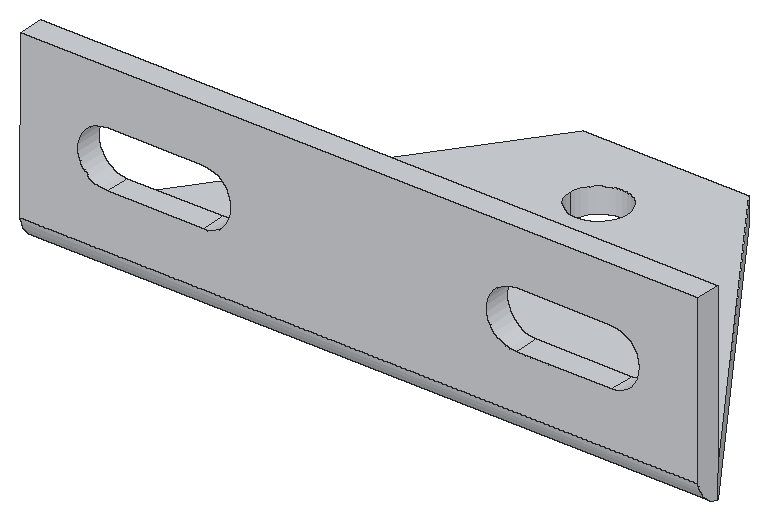
Revit family "Fitting-Ninety_Degree_Angle-Unistrut-P1130-P1131", category Specialty Equipment, Revit 2012
Parameters (values of type "P1130")
  ecoScorecard_data = "http://products.ecoscorecard.com/atkore/P1130"
  ecoScorecard Product Page = "http://products.ecoscorecard.com/atkore/P1130?action=html"
  Weight Per Piece = 1.90 lbf
  Unit = none
  Unistrut Part Number = "P1130"  # constant formula
  URL = "http://unistrut.us/index.php"
  Thickness = 1/4"  # constant formula
  Subcategory = "Nintey Degree Angle Fittings"  # constant formula
  Product Page URL = "http://unistrut.us/index.php?WP=cat_detail&S=S05&P=P1130"
  Power Strut Part Number = "PS 689"  # constant formula
  Part Type = "Fitting"  # constant formula
  Overall Width = 6 5/8"
  Overall Length = 1 7/8"  # constant formula
  Overall Height = 3 3/4"  # constant formula
  Model = "P1130"
  Material = ""
  Manufacturer Phone - Toll Free = "800-882-5543"  # constant formula
  Manufacturer Phone = "708-339-1610"  # constant formula
  Manufacturer Fax = "708-339-7814"  # constant formula
  Manufacturer Email = "mailto:jshaw@atkore.com"
  Manufacturer Address = "16100 South Lathrop Avenue, Harvey, IL 60426"  # constant formula
  Manufacturer = "Unistrut by Atkore International"  # constant formula
  Load Capacity Note = "Visit the product page for load application and capacity."  # constant formula
  Literature URL = "http://unistrut.us/index.php?WP=LItLibrary"
  Hole Diameter = 9/16"  # constant formula
  Default Elevation = 48"
  Cost Info = "mailto:jshaw@atkore.com"
  CAD URL = "http://unistrut.us/index.php?WP=CAD3d"
  Assembly Code = "D5020100"
  95 CSI = "16070"  # constant formula
  04 CSI = "26 05 48"  # constant formula
Types (3): name | ecoScorecard_data | ecoScorecard Product Page | Weight Per Piece | Product Page URL | Overall Width | Model | Manufacturer Email | Default Elevation | Cost Info
  (no name) | "http://products.ecoscorecard.com/atkore/P1130" | "http://products.ecoscorecard.com/atkore/P1130?action=html" | 1.90 lbf | "http://unistrut.us/index.php?WP=cat_detail&S=S05&P=P1130" | 6 5/8" | "P1130" | "mailto:jshaw@atkore.com" | 48" | "mailto:jshaw@atkore.com"
  P1130 | "http://products.ecoscorecard.com/atkore/P1130" | "http://products.ecoscorecard.com/atkore/P1130?action=html" | 1.90 lbf | "http://unistrut.us/index.php?WP=cat_detail&S=S05&P=P1130" | 6 5/8" | "P1130" | "mailto:jshaw@atkore.com" | 48" | "mailto:jshaw@atkore.com"
  P1131 | "http://products.ecoscorecard.com/atkore/P1131" | "http://products.ecoscorecard.com/atkore/P1131?action=html" | 2.42 lbf | "http://unistrut.us/index.php?WP=cat_detail&S=S05&P=P1131" | 8 5/8" | "P1131" | "mailto:questions@atkore.com" | 0" | "mailto:questions@atkore.com"
Reference planes (in)
  plane 1 "Center (Front/Back)": y = 0
  plane 2: z = 0
  plane 3 "Center (Left/Right)": x = 0
  plane 4: z = 1.875
  plane 5: y = -0.93945
  plane 6: y = 0.93555
  plane 7: z = 1.06159
  plane 8: x = 2
  plane 9: x = -1.99778
Dimensions and locks (in)
  "Overall Length": plane 4 to plane 2
  "Overall Height": nested 1 to nested 1
  "Overall Width": nested 1 to nested 1
  "Thickness": nested 1 to nested 1
  "Thickness": nested 1 to plane 2
  nested 1 to nested 1 = 4"
  aligned and locked: level to plane 2
  aligned and locked: plane 3 "Center (Left/Right)" to nested 1
  aligned and locked: plane 1 "Center (Front/Back)" to nested 1
Nested families (in)
  nested 1: "P1130" at (0, 0, 0), type "P1130"
    with Overall Width 6 5/8", B 4"
Definition of nested family "P1130"
  Parameters (values of type "P1130")
    Unit = none
    URL = ""
    Thickness = 1/4"
    Overall Width = 8 5/8"
    Overall Length = 1 7/8"
    Overall Height = 3 3/4"
    Manufacturer = ""
    Hole Radius = 9/32"
    Hole Diameter = 9/16"
    Default Elevation = 48"
    B = Overall Width - 2 5/8"  # 6"
    Assembly Code = ""
  Reference planes (in)
    plane 1 "Center (Front/Back)": y = 0
    plane 2: z = 0
    plane 3 "Center (Left/Right)": x = 0
    plane 4: x = -4.3125
    plane 5: x = 4.3125
    plane 6: x = 3
    plane 7: x = -3
    plane 8: z = 1.8732
    plane 9: y = -1.99805
    plane 10: y = 1.75195
  Forms (in)
    Extrusion 1, void
      sketch origin (0, -1.99805, 0) x (1, 0, 0) y (0, 0, -1)
        loop
          arc (3.46601, -1.34253) -> (3.74694, -1.06159) -> (3.46601, -0.78066) r 0.28093
          line (3.46601, -0.78066) -> (2.52955, -0.78066)
          arc (2.52955, -0.78066) -> (2.24862, -1.06159) -> (2.52955, -1.34253) r 0.28093
          line (2.52955, -1.34253) -> (3.46601, -1.34253)
        loop
          arc (-3.46601, -0.78066) -> (-3.74694, -1.06159) -> (-3.46601, -1.34253) r 0.28093
          line (-3.46601, -1.34253) -> (-2.52955, -1.34253)
          arc (-2.52955, -1.34253) -> (-2.24861, -1.06159) -> (-2.52955, -0.78066) r 0.28093
          line (-2.52955, -0.78066) -> (-3.46601, -0.78066)
      from 0 to 0.25
    Extrusion 2, solid
      sketch origin (0, -1.99805, 0) x (0, 0, -1) y (0, 1, 0)
        loop
          line (-0.25, 0.25) -> (-1.8732, 0.25) -> (-1.8732, 0) -> (-0.25, 0)
          arc (-0.25, 0) -> (-0.08426, 0.08426) -> (0, 0.25) r 0.3
          line (0, 0.25) -> (-0.25, 0.25)
      from -4.3125 to 4.3125
    Extrusion 3, solid
      sketch origin (0, -1.99805, 0) x (1, 0, 0) y (0, 1, 0)
        loop
          line (4.3125, 0.25) -> (0.81161, 5.14405) -> (-0.8116, 5.14405) -> (-4.3125, 0.25) -> (4.3125, 0.25)
      from 0 to 0.25
    Extrusion 4, void
      sketch origin (0, -1.99805, 0) x (1, 0, 0) y (0, 1, 0)
        loop
          circle (0, 4.33155) r 0.28125
        loop
          circle (0, 2.45655) r 0.28125
      from 0 to 0.25
  Cuts and joins
    Extrusion 1 cuts Extrusion 2
    Extrusion 4 cuts Extrusion 3
  Dimensions and locks (in)
    equal spacing: plane 4, plane 3 "Center (Left/Right)", plane 5
    equal spacing: plane 7, plane 3 "Center (Left/Right)", plane 6
    "B": plane 7 to plane 6
    "Overall Width": plane 4 to plane 5
    plane 10 to plane 9 = 3 3/4"
    locked: cut or joined group of Extrusion 3, Extrusion 4 to Extrusion 4 sketch curve at 0.8125
    locked: Extrusion 4 sketch curve to Extrusion 4 sketch curve at 1.875
    "Hole Radius": radius of Extrusion 4 sketch curve  (x2)
    locked: Extrusion 3 sketch curve to plane 4 (angle 35.5776°)
    locked: plane 5 to Extrusion 3 sketch curve (angle 35.5776°)
    aligned and locked: level to plane 2
    aligned and locked: plane 4 to Extrusion 2
    aligned and locked: Extrusion 2 to plane 5
    aligned and locked: plane 5 to Extrusion 3 sketch curve
    aligned and locked: plane 4 to Extrusion 3 sketch curve
  Automatic sketch dimensions
    plane 7 to Extrusion 1 sketch curve = 0.46601"
    Extrusion 1 sketch curve to plane 7 = 0.47045"
    Extrusion 1 sketch curve to plane 6 = 0.47045"
    plane 6 to Extrusion 1 sketch curve = 0.46601"
    Extrusion 1 sketch curve to Extrusion 1 sketch curve = 0.28093"  (x2)
    level to Extrusion 2 sketch curve = 0.29639"
    Extrusion 2 sketch curve to Extrusion 2 sketch curve = 0.04639"  (x2)
    Extrusion 2 sketch curve to Extrusion 2 sketch curve = 1/4"  (x2)
    Extrusion 3 sketch curve to plane 3 "Center (Left/Right)" = 0.8116"
    level to Extrusion 1 sketch curve = 1.34253"  (x2)
    Extrusion 2 sketch curve to Extrusion 2 sketch curve = 1.5768"
    plane 1 "Center (Front/Back)" to Extrusion 2 sketch curve = 1.99805"
    plane 1 "Center (Front/Back)" to Extrusion 3 sketch curve = 1.74805"
    Extrusion 4 sketch curve to plane 3 "Center (Left/Right)" = 0"  (x2)
